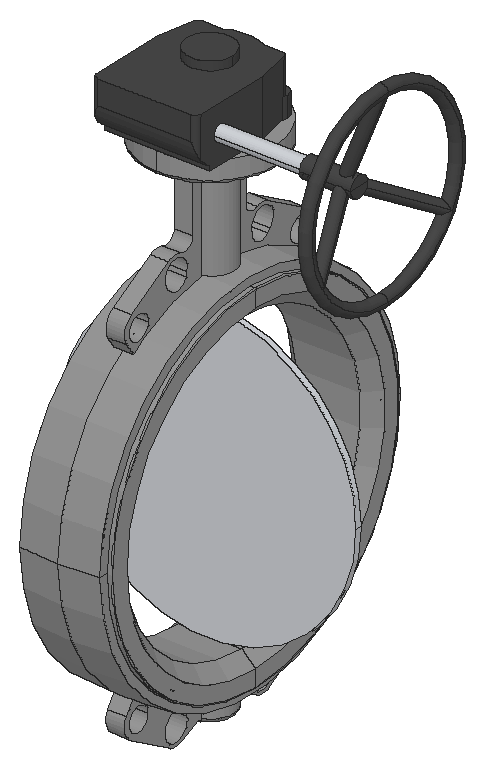
Revit family "HERZ Isolating Butterfly Valves ZF-4219 with gearbox", category Rohrzubehör, Revit 2019
Family settings
  Bemaßung runder Anschluss = Durchmesser verwenden
  Teiletyp = Unterbricht
  Arbeitsebenenbasiert = Nein
  Immer vertikal = Ja
  Beim Laden mit Abzugskörper schneiden = Nein
  Gemeinsam genutzt = Nein
Parameters
  Weight [instance] = size_lookup("4219_ZF_G", "M", 37.6, Nennweite)  # 37.6
  URL = "www.herzvalves.com"
  Spindle = "stainless steel ASTM-A276 / Type 316"  # constant formula
  Screws PN16 [instance] = if(Nennweite = 50 mm, "4x M16x100", if(Nennweite = 65 mm, "4x M16x100", if(Nennweite = 80 mm, "8x M16x100", if(Nennweite = 100 mm, "8x M16x110", if(Nennweite = 125 mm, "8x M16x120", if(Nennweite = 150 mm, "8x M20x120", if(Nennweite = 200 mm, "12x M20x130", if(Nennweite = 250 mm, "12x M24x140", "12x M24x160"))))))))  # "12x M24x160"
  Screws PN 6 [instance] = if(Nennweite = 50 mm, "4x M12x100", if(Nennweite = 65 mm, "4x M12x100", if(Nennweite = 80 mm, "4x M16x100", if(Nennweite = 100 mm, "4x M16x100", if(Nennweite = 125 mm, "8x M16x110", if(Nennweite = 150 mm, "8x M16x110", if(Nennweite = 200 mm, "--", if(Nennweite = 250 mm, "12x M16x130", "12xM16x140"))))))))  # "12xM16x140"
  Screws PN10 [instance] = if(Nennweite = 50 mm, "4x M16x100", if(Nennweite = 65 mm, "4x M16x100", if(Nennweite = 80 mm, "4x M16x100", if(Nennweite = 100 mm, "4x M16x110", if(Nennweite = 125 mm, "8x M16x120", if(Nennweite = 150 mm, "8x M20x120", if(Nennweite = 200 mm, "8x M20x130", if(Nennweite = 250 mm, "12x M20x130", "12x M20x150"))))))))  # "12x M20x150"
  SCTWSEQ = "FW;SBT_TYP_FW=\"101\";2"
  SCTWCODE = "04;07;02"  # constant formula
  SCRNSEQ = "ARM;ARM_TYP=\"ALLF\";2"
  SCRNCODE = "05;13;02"  # constant formula
  R_Dichtung = 1.5 mm  # constant formula
  Part number [instance] = size_lookup("4219_ZF_G", "Artnr", 1421901, Nennweite)  # 1421969
  PN16 [instance] = or(Nennweite = 50 mm, Nennweite = 65 mm, Nennweite = 80 mm, Nennweite = 100 mm, Nennweite = 125 mm, Nennweite = 150 mm, Nennweite = 200 mm, Nennweite = 250 mm, Nennweite = 300 mm)  # yes
  PN10 [instance] = or(Nennweite = 50 mm, Nennweite = 65 mm, Nennweite = 80 mm, Nennweite = 100 mm, Nennweite = 125 mm, Nennweite = 150 mm, Nennweite = 200 mm, Nennweite = 250 mm, Nennweite = 300 mm)  # yes
  PN 6 [instance] = or(Nennweite = 50 mm, Nennweite = 65 mm, Nennweite = 80 mm, Nennweite = 100 mm, Nennweite = 125 mm, Nennweite = 150 mm, Nennweite = 250 mm, Nennweite = 300 mm)  # yes
  PN [instance] = 16  # constant formula
  O-Ring = "EPDM according to ISO 1691"  # constant formula
  Nennweite [instance] = 300 mm
  Min. operating temperature = "-20.00 °C with appropriate water-glycol mixture"  # constant formula
  Medium = "Heating water quality according ÖNORM H5195 or VDI-Standard 2035. The use of ethylene or propylene glycol in a\nmixing ratio 25- 50% is allowed."
  Max. operating temperature = 110 °C  # constant formula
  LO1 [instance] = R05 + 10 mm  # 193 mm
  L16 [instance] = L01 - L13  # 299 mm
  L15 [instance] = L01 + L12  # 328 mm
  L14 [instance] = size_lookup("4219_ZF_G", "L_14", 44.4 mm, Nennweite)  # 89.4 mm
  L13 [instance] = size_lookup("4219_ZF_G", "L_13", 15 mm, Nennweite)  # 9 mm
  L12 [instance] = size_lookup("4219_ZF_G", "L_12", 15 mm, Nennweite)  # 20 mm
  L11 [instance] = size_lookup("4219_ZF_G", "L_11", 15 mm, Nennweite)  # 23 mm
  L10 [instance] = size_lookup("4219_ZF_G", "L_10", 16 mm, Nennweite)  # 16 mm
  L09 [instance] = size_lookup("4219_ZF_G", "L9", 29 mm, Nennweite)  # 61 mm
  L08 [instance] = size_lookup("4219_ZF_G", "L8", 43 mm, Nennweite)  # 78 mm
  L07 [instance] = size_lookup("4219_ZF_G", "L7", 3.5 mm, Nennweite)  # 4.5 mm
  L06 [instance] = size_lookup("4219_ZF_G", "L6", 18 mm, Nennweite)  # 44 mm
  L05 [instance] = size_lookup("4219_ZF_G", "L5", 35 mm, Nennweite)  # 67 mm
  L04 [instance] = size_lookup("4219_ZF_G", "L4", 35 mm, Nennweite)  # 17.5 mm
  L03 [instance] = size_lookup("4219_ZF_G", "L3", 35 mm, Nennweite)  # 207.5 mm
  L02 [instance] = size_lookup("4219_ZF_G", "L2", 35 mm, Nennweite)  # 122 mm
  L01 [instance] = size_lookup("4219_ZF_G", "L1", 35 mm, Nennweite)  # 308 mm
  Hersteller = "HERZ Armaturen Ges.m.b.H."  # constant formula
  H [instance] = size_lookup("4219_ZF_G", "H1", 9 mm, Nennweite)  # 22 mm
  Flange = "according to EN1092-2"  # constant formula
  Einbaudatum [instance] = ""
  Troque in Nm [instance] = size_lookup("4219_ZF_G", "NM", 350, Nennweite)  # 350
  Disc = "stainless steel 1.4408"  # constant formula
  DN300 [instance] = Nennweite = 300 mm  # yes
  DN250 [instance] = Nennweite = 250 mm  # no
  DN200 [instance] = Nennweite = 200 mm  # no
  DN150 [instance] = Nennweite = 150 mm  # no
  DN125 [instance] = Nennweite = 125 mm  # no
  DN100 [instance] = Nennweite = 100 mm  # no
  DN 80 [instance] = Nennweite = 80 mm  # no
  DN 65 [instance] = Nennweite = 65 mm  # no
  DN 50 [instance] = Nennweite = 50 mm  # no
  Chargennummer [instance] = ""
  Body sealing = "EPDM according to ISO 1691"  # constant formula
  Body = "GG, GJL-250/JL1040, according to EN1561"  # constant formula
  BD [instance] = size_lookup("4219_ZF_G", "DB", 24 mm, Nennweite)  # 290 mm
  D09 [instance] = size_lookup("4219_ZF_G", "D9", 24 mm, Nennweite)  # 145 mm
  D08 [instance] = size_lookup("4219_ZF_G", "D8", 47 mm, Nennweite)  # 18 mm
  D07 [instance] = size_lookup("4219_ZF_G", "D7", 47 mm, Nennweite)  # 37.5 mm
  D06 [instance] = size_lookup("4219_ZF_G", "D6", 47 mm, Nennweite)  # 65 mm
  R05 [instance] = size_lookup("4219_ZF_G", "D5", 47 mm, Nennweite)  # 183 mm
  D05 [instance] = R05 * 2  # 366 mm
  D04 [instance] = size_lookup("4219_ZF_G", "D4", 41 mm, Nennweite)  # 175 mm
  D03 [instance] = size_lookup("4219_ZF_G", "D3", 35.5 mm, Nennweite)  # 167.5 mm
  R01 [instance] = size_lookup("4219_ZF_G", "D1", 28 mm, Nennweite)  # 154.5 mm
  R02 [instance] = size_lookup("4219_ZF_G", "D2", 30 mm, Nennweite)  # 156.5 mm
  Application = "Suitable for fluids in building services, cold water systems, hot water saystems, etc."
Reference planes
  plane 1 "Mitte (Vorne/hinten)": y = 0
  plane 2: z = 0
  plane 3 "Mitte (Links/rechts)": x = 0
Forms (mm)
  Revolve 1, solid, material "Herz-Metall-blau", detail levels fine
    sketch origin (0, 0, 0) x (1, 0, 0) y (0, 1, 0)
      loop
        line (0, 185.241) -> (-39, 183) -> (-39, 175) -> (-30.5, 175) -> (-30.5, 167.5) -> (-32, 167.5)
        arc (-32, 167.5) -> (-33.061, 167.061) -> (-33.5, 166) r 1.5
        line (-33.5, 166) -> (-33.5, 156.824)
        arc (-33.5, 156.824) -> (-33.229, 155.964) -> (-32.513, 155.415) r 1.5
        line (-32.513, 155.415) -> (-29, 154.5) -> (-22, 154.5) -> (-22, 156.5) -> (22, 156.5) -> (22, 154.5) -> (29, 154.5) -> (32.513, 155.415)
        arc (32.513, 155.415) -> (33.229, 155.964) -> (33.5, 156.824) r 1.5
        line (33.5, 156.824) -> (33.5, 166)
        arc (33.5, 166) -> (33.061, 167.061) -> (32, 167.5) r 1.5
        line (32, 167.5) -> (30.5, 167.5) -> (30.5, 175) -> (39, 175) -> (39, 183) -> (0, 185.241)
      axis (39, 0) -> (-39, 0)
    angle from 0 to 360
  Extrusion 2, solid, material "Herz-Metall-blau", visible <- "DN 50", detail levels fine
    sketch origin (0, 0, 0) x (0, 1, 0) y (0, 0, 1)
      loop
        line (20, 54.051) -> (20.008, 111.113) -> (16.897, 110.952)
        arc (16.897, 110.952) -> (15.55, 110.331) -> (15, 108.954) r 2
        line (15, 108.954) -> (15, 44.542)
        arc (15, 44.542) -> (31.465, 34.913) -> (42.748, 19.534) r 47
        arc (42.748, 19.534) -> (42.633, 20.873) -> (43.392, 21.983) r 2
        line (43.392, 21.983) -> (54.714, 30.209)
        arc (54.714, 30.209) -> (56.569, 56.569) -> (30.209, 54.714) r 17.5
        line (30.209, 54.714) -> (27.87, 51.494)
        arc (27.87, 51.494) -> (23.006, 49.914) -> (20, 54.051) r 4.35
      loop
        arc (32.065, 41.998) -> (33.588, 33.588) -> (41.998, 32.065) r 7.5
        line (41.998, 32.065) -> (48.502, 35.17)
        arc (48.502, 35.17) -> (51.265, 51.265) -> (35.17, 48.502) r 10
        line (35.17, 48.502) -> (32.065, 41.998)
      loop
        arc (-20, 54.051) -> (-23.006, 49.914) -> (-27.87, 51.494) r 4.35
        line (-27.87, 51.494) -> (-30.209, 54.714)
        arc (-30.209, 54.714) -> (-56.569, 56.569) -> (-54.714, 30.209) r 17.5
        line (-54.714, 30.209) -> (-43.392, 21.983)
        arc (-43.392, 21.983) -> (-42.633, 20.873) -> (-42.748, 19.534) r 2
        arc (-42.748, 19.534) -> (-31.465, 34.913) -> (-15, 44.542) r 47
        line (-15, 44.542) -> (-15, 108.954)
        arc (-15, 108.954) -> (-15.55, 110.331) -> (-16.897, 110.952) r 2
        line (-16.897, 110.952) -> (-20.008, 111.113) -> (-20, 54.051)
      loop
        line (-32.065, 41.998) -> (-35.17, 48.502)
        arc (-35.17, 48.502) -> (-51.265, 51.265) -> (-48.502, 35.17) r 10
        line (-48.502, 35.17) -> (-41.998, 32.065)
        arc (-41.998, 32.065) -> (-33.588, 33.588) -> (-32.065, 41.998) r 7.5
      loop
        line (32.065, -41.998) -> (35.17, -48.502)
        arc (35.17, -48.502) -> (51.265, -51.265) -> (48.502, -35.17) r 10
        line (48.502, -35.17) -> (41.998, -32.065)
        arc (41.998, -32.065) -> (33.588, -33.588) -> (32.065, -41.998) r 7.5
      loop
        line (54.714, -30.209) -> (43.392, -21.983)
        arc (43.392, -21.983) -> (42.633, -20.873) -> (42.748, -19.534) r 2
        arc (42.748, -19.534) -> (33.234, -33.234) -> (19.534, -42.748) r 47
        arc (19.534, -42.748) -> (20.873, -42.633) -> (21.983, -43.392) r 2
        line (21.983, -43.392) -> (30.209, -54.714)
        arc (30.209, -54.714) -> (56.569, -56.569) -> (54.714, -30.209) r 17.5
      loop
        arc (-32.065, -41.998) -> (-33.588, -33.588) -> (-41.998, -32.065) r 7.5
        line (-41.998, -32.065) -> (-48.502, -35.17)
        arc (-48.502, -35.17) -> (-51.265, -51.265) -> (-35.17, -48.502) r 10
        line (-35.17, -48.502) -> (-32.065, -41.998)
      loop
        arc (-54.714, -30.209) -> (-56.569, -56.569) -> (-30.209, -54.714) r 17.5
        line (-30.209, -54.714) -> (-21.983, -43.392)
        arc (-21.983, -43.392) -> (-20.873, -42.633) -> (-19.534, -42.748) r 2
        arc (-19.534, -42.748) -> (-33.234, -33.234) -> (-42.748, -19.534) r 47
        arc (-42.748, -19.534) -> (-42.633, -20.873) -> (-43.392, -21.983) r 2
        line (-43.392, -21.983) -> (-54.714, -30.209)
    from -4.5 to 4.5
  Extrusion 3, solid, material "Herz-Metall-blau", visible <- "DN 65", detail levels fine
    sketch origin (0, 0, 0) x (0, 1, 0) y (0, 0, 1)
      loop
        arc (51.659, 21.619) -> (51.541, 22.778) -> (52.089, 23.805) r 2
        line (52.089, 23.805) -> (65.407, 37.123)
        arc (65.407, 37.123) -> (65.407, 65.407) -> (37.123, 65.407) r 20
        line (37.123, 65.407) -> (29.414, 57.699)
        arc (29.414, 57.699) -> (27.235, 57.265) -> (26, 59.113) r 2
        line (26, 59.113) -> (26, 136.154) -> (19.897, 135.838)
        arc (19.897, 135.838) -> (18.55, 135.218) -> (18, 133.841) r 2
        line (18, 133.841) -> (18, 53.028)
        arc (18, 53.028) -> (38.206, 40.942) -> (51.659, 21.619) r 56
      loop
        arc (55.637, 42.831) -> (57.983, 57.983) -> (42.831, 55.637) r 9.5
        line (42.831, 55.637) -> (39.647, 48.983)
        arc (39.647, 48.983) -> (41.012, 41.012) -> (48.983, 39.647) r 7
        line (48.983, 39.647) -> (55.637, 42.831)
      loop
        arc (51.659, -21.619) -> (39.598, -39.598) -> (21.619, -51.659) r 56
        arc (21.619, -51.659) -> (22.778, -51.541) -> (23.805, -52.089) r 2
        line (23.805, -52.089) -> (37.123, -65.407)
        arc (37.123, -65.407) -> (65.407, -65.407) -> (65.407, -37.123) r 20
        line (65.407, -37.123) -> (52.089, -23.805)
        arc (52.089, -23.805) -> (51.541, -22.778) -> (51.659, -21.619) r 2
      loop
        line (55.637, -42.831) -> (48.983, -39.647)
        arc (48.983, -39.647) -> (41.012, -41.012) -> (39.647, -48.983) r 7
        line (39.647, -48.983) -> (42.831, -55.637)
        arc (42.831, -55.637) -> (57.983, -57.983) -> (55.637, -42.831) r 9.5
      loop
        arc (-51.659, -21.619) -> (-51.541, -22.778) -> (-52.089, -23.805) r 2
        line (-52.089, -23.805) -> (-65.407, -37.123)
        arc (-65.407, -37.123) -> (-65.407, -65.407) -> (-37.123, -65.407) r 20
        line (-37.123, -65.407) -> (-23.805, -52.089)
        arc (-23.805, -52.089) -> (-22.778, -51.541) -> (-21.619, -51.659) r 2
        arc (-21.619, -51.659) -> (-39.598, -39.598) -> (-51.659, -21.619) r 56
      loop
        arc (-55.637, -42.831) -> (-57.983, -57.983) -> (-42.831, -55.637) r 9.5
        line (-42.831, -55.637) -> (-39.647, -48.983)
        arc (-39.647, -48.983) -> (-41.012, -41.012) -> (-48.983, -39.647) r 7
        line (-48.983, -39.647) -> (-55.637, -42.831)
      loop
        arc (-51.659, 21.619) -> (-38.206, 40.942) -> (-18, 53.028) r 56
        line (-18, 53.028) -> (-18, 133.838)
        arc (-18, 133.838) -> (-18.55, 135.215) -> (-19.897, 135.835) r 2
        line (-19.897, 135.835) -> (-26, 136.151) -> (-26, 59.113)
        arc (-26, 59.113) -> (-27.235, 57.265) -> (-29.414, 57.699) r 2
        line (-29.414, 57.699) -> (-37.123, 65.407)
        arc (-37.123, 65.407) -> (-65.407, 65.407) -> (-65.407, 37.123) r 20
        line (-65.407, 37.123) -> (-52.089, 23.805)
        arc (-52.089, 23.805) -> (-51.541, 22.778) -> (-51.659, 21.619) r 2
      loop
        line (-55.637, 42.831) -> (-48.983, 39.647)
        arc (-48.983, 39.647) -> (-41.012, 41.012) -> (-39.647, 48.983) r 7
        line (-39.647, 48.983) -> (-42.831, 55.637)
        arc (-42.831, 55.637) -> (-57.983, 57.983) -> (-55.637, 42.831) r 9.5
    from -4.5 to 4.5
  Extrusion 4, solid, material "Herz-Metall-blau", visible <- "DN 80", detail levels fine
    sketch origin (0, 0, 0) x (0, 1, 0) y (0, 0, 1)
      loop
        line (26, 143.161) -> (20.397, 142.871)
        arc (20.397, 142.871) -> (19.05, 142.251) -> (18.5, 140.874) r 2
        line (18.5, 140.874) -> (18.5, 62.833)
        arc (18.5, 62.833) -> (41.296, 50.842) -> (57.706, 30.989) r 65.5
        arc (57.706, 30.989) -> (57.482, 32.176) -> (57.983, 33.275) r 2
        line (57.983, 33.275) -> (67.23, 43.52)
        arc (67.23, 43.52) -> (70.328, 54.798) -> (65.407, 65.407) r 17
        line (65.407, 65.407) -> (42.005, 86.53)
        arc (42.005, 86.53) -> (37.832, 89.302) -> (33.031, 90.738) r 17
        arc (33.031, 90.738) -> (27.974, 93.895) -> (26, 99.52) r 9
        line (26, 99.52) -> (26, 143.161)
      loop
        circle (30.615, 73.91) r 9.5
      loop
        circle (53.387, 53.387) r 9.5
      loop
        arc (57.706, -30.989) -> (41.296, -50.842) -> (18.5, -62.833) r 65.5
        line (18.5, -62.833) -> (18.5, -85.837)
        arc (18.5, -85.837) -> (30.113, -90.903) -> (42.005, -86.53) r 17
        line (42.005, -86.53) -> (65.407, -65.407)
        arc (65.407, -65.407) -> (70.328, -54.798) -> (67.23, -43.52) r 17
        line (67.23, -43.52) -> (57.983, -33.275)
        arc (57.983, -33.275) -> (57.482, -32.176) -> (57.706, -30.989) r 2
      loop
        circle (30.615, -73.91) r 9.5
      loop
        circle (53.387, -53.387) r 9.5
      loop
        arc (-57.706, -30.989) -> (-57.482, -32.176) -> (-57.983, -33.275) r 2
        line (-57.983, -33.275) -> (-67.23, -43.52)
        arc (-67.23, -43.52) -> (-70.328, -54.798) -> (-65.407, -65.407) r 17
        line (-65.407, -65.407) -> (-42.005, -86.53)
        arc (-42.005, -86.53) -> (-30.113, -90.903) -> (-18.5, -85.837) r 17
        line (-18.5, -85.837) -> (-18.5, -62.833)
        arc (-18.5, -62.833) -> (-41.296, -50.842) -> (-57.706, -30.989) r 65.5
      loop
        circle (-30.615, -73.91) r 9.5
      loop
        circle (-53.387, -53.387) r 9.5
      loop
        line (-26, 143.179) -> (-26, 99.52)
        arc (-26, 99.52) -> (-27.974, 93.895) -> (-33.031, 90.738) r 9
        arc (-33.031, 90.738) -> (-37.832, 89.302) -> (-42.005, 86.53) r 17
        line (-42.005, 86.53) -> (-65.407, 65.407)
        arc (-65.407, 65.407) -> (-70.328, 54.798) -> (-67.23, 43.52) r 17
        line (-67.23, 43.52) -> (-57.983, 33.275)
        arc (-57.983, 33.275) -> (-57.482, 32.176) -> (-57.706, 30.989) r 2
        arc (-57.706, 30.989) -> (-41.296, 50.842) -> (-18.5, 62.833) r 65.5
        line (-18.5, 62.833) -> (-18.5, 140.891)
        arc (-18.5, 140.891) -> (-19.05, 142.268) -> (-20.397, 142.888) r 2
        line (-20.397, 142.888) -> (-26, 143.179)
      loop
        circle (-30.615, 73.91) r 9.5
      loop
        circle (-53.387, 53.387) r 9.5
    from -4.5 to 4.5
  Extrusion 5, solid, material "Herz-Metall-blau", visible <- "DN100", detail levels fine
    sketch origin (0, 0, 0) x (0, 1, 0) y (0, 0, 1)
      loop
        line (64.131, 38.887) -> (73.681, 49.873)
        arc (73.681, 49.873) -> (77.063, 61.29) -> (72.125, 72.125) r 17
        line (72.125, 72.125) -> (45.809, 95.79)
        arc (45.809, 95.79) -> (41.366, 98.675) -> (36.25, 100.053) r 17
        arc (36.25, 100.053) -> (28.882, 104.596) -> (26, 112.759) r 13
        line (26, 112.759) -> (26, 166.173) -> (20.397, 165.883)
        arc (20.397, 165.883) -> (19.05, 165.263) -> (18.5, 163.886) r 2
        line (18.5, 163.886) -> (18.5, 72.683)
        arc (18.5, 72.683) -> (44.637, 60.27) -> (64.131, 38.887) r 75
      loop
        circle (60.104, 60.104) r 9.5
      loop
        circle (34.442, 83.149) r 9.5
      loop
        arc (64.131, -38.887) -> (44.637, -60.27) -> (18.5, -72.683) r 75
        line (18.5, -72.683) -> (18.5, -95.329)
        arc (18.5, -95.329) -> (21.473, -95.603) -> (24.233, -96.743) r 10
        arc (24.233, -96.743) -> (35.191, -100.133) -> (45.809, -95.79) r 17
        line (45.809, -95.79) -> (72.125, -72.125)
        arc (72.125, -72.125) -> (77.063, -61.29) -> (73.681, -49.873) r 17
        line (73.681, -49.873) -> (64.131, -38.887)
      loop
        circle (60.104, -60.104) r 9.5
      loop
        circle (34.442, -83.149) r 9.5
      loop
        line (-64.131, -38.887) -> (-73.681, -49.873)
        arc (-73.681, -49.873) -> (-77.063, -61.29) -> (-72.125, -72.125) r 17
        line (-72.125, -72.125) -> (-45.809, -95.79)
        arc (-45.809, -95.79) -> (-35.191, -100.133) -> (-24.233, -96.743) r 17
        arc (-24.233, -96.743) -> (-21.473, -95.603) -> (-18.5, -95.329) r 10
        line (-18.5, -95.329) -> (-18.5, -72.683)
        arc (-18.5, -72.683) -> (-44.637, -60.27) -> (-64.131, -38.887) r 75
      loop
        circle (-60.104, -60.104) r 9.5
      loop
        circle (-34.442, -83.149) r 9.5
      loop
        arc (-64.131, 38.887) -> (-44.637, 60.27) -> (-18.5, 72.683) r 75
        line (-18.5, 72.683) -> (-18.5, 163.876)
        arc (-18.5, 163.876) -> (-19.05, 165.253) -> (-20.397, 165.873) r 2
        line (-20.397, 165.873) -> (-26, 166.164) -> (-26, 112.759)
        arc (-26, 112.759) -> (-28.882, 104.596) -> (-36.25, 100.053) r 13
        arc (-36.25, 100.053) -> (-41.366, 98.675) -> (-45.809, 95.79) r 17
        line (-45.809, 95.79) -> (-72.125, 72.125)
        arc (-72.125, 72.125) -> (-77.063, 61.29) -> (-73.681, 49.873) r 17
        line (-73.681, 49.873) -> (-64.131, 38.887)
      loop
        circle (-60.104, 60.104) r 9.5
      loop
        circle (-34.442, 83.149) r 9.5
    from -4.5 to 4.5
  Extrusion 6, solid, material "Herz-Metall-blau", visible <- "DN125", detail levels fine
    sketch origin (0, 0, 0) x (0, 1, 0) y (0, 0, 1)
      loop
        arc (75.229, 48.945) -> (74.917, 50.244) -> (75.492, 51.45) r 2
        line (75.492, 51.45) -> (82.731, 58.69)
        arc (82.731, 58.69) -> (87.711, 70.711) -> (82.731, 82.731) r 17
        line (82.731, 82.731) -> (51.291, 109.875)
        arc (51.291, 109.875) -> (46.108, 112.941) -> (40.182, 114.007) r 17
        line (40.182, 114.007) -> (38, 114.007)
        arc (38, 114.007) -> (29.515, 117.522) -> (26, 126.007) r 12
        line (26, 126.007) -> (26, 185.157) -> (20.397, 184.867)
        arc (20.397, 184.867) -> (19.05, 184.246) -> (18.5, 182.869) r 2
        line (18.5, 182.869) -> (18.5, 87.823)
        arc (18.5, 87.823) -> (50.736, 74.033) -> (75.229, 48.945) r 89.75
      loop
        circle (40.182, 97.007) r 9.5
      loop
        circle (70.711, 70.711) r 9.5
      loop
        arc (75.229, -48.945) -> (50.736, -74.033) -> (18.5, -87.823) r 89.75
        line (18.5, -87.823) -> (18.5, -108.431)
        arc (18.5, -108.431) -> (24.248, -107.655) -> (29.46, -110.2) r 10
        arc (29.46, -110.2) -> (40.434, -114.005) -> (51.291, -109.875) r 17
        line (51.291, -109.875) -> (82.731, -82.731)
        arc (82.731, -82.731) -> (87.711, -70.711) -> (82.731, -58.69) r 17
        line (82.731, -58.69) -> (75.492, -51.45)
        arc (75.492, -51.45) -> (74.917, -50.244) -> (75.229, -48.945) r 2
      loop
        circle (40.182, -97.007) r 9.5
      loop
        circle (70.711, -70.711) r 9.5
      loop
        arc (-75.229, -48.945) -> (-74.917, -50.244) -> (-75.492, -51.45) r 2
        line (-75.492, -51.45) -> (-82.731, -58.69)
        arc (-82.731, -58.69) -> (-87.711, -70.711) -> (-82.731, -82.731) r 17
        line (-82.731, -82.731) -> (-51.291, -109.875)
        arc (-51.291, -109.875) -> (-40.434, -114.005) -> (-29.46, -110.2) r 17
        arc (-29.46, -110.2) -> (-24.248, -107.655) -> (-18.5, -108.431) r 10
        line (-18.5, -108.431) -> (-18.5, -87.823)
        arc (-18.5, -87.823) -> (-50.736, -74.033) -> (-75.229, -48.945) r 89.75
      loop
        circle (-40.182, -97.007) r 9.5
      loop
        circle (-70.711, -70.711) r 9.5
      loop
        arc (-75.229, 48.945) -> (-50.736, 74.033) -> (-18.5, 87.823) r 89.75
        line (-18.5, 87.823) -> (-18.5, 182.852)
        arc (-18.5, 182.852) -> (-19.05, 184.23) -> (-20.397, 184.85) r 2
        line (-20.397, 184.85) -> (-26, 185.14) -> (-26, 126.007)
        arc (-26, 126.007) -> (-29.515, 117.522) -> (-38, 114.007) r 12
        line (-38, 114.007) -> (-40.182, 114.007)
        arc (-40.182, 114.007) -> (-46.108, 112.941) -> (-51.291, 109.875) r 17
        line (-51.291, 109.875) -> (-82.731, 82.731)
        arc (-82.731, 82.731) -> (-87.711, 70.711) -> (-82.731, 58.69) r 17
        line (-82.731, 58.69) -> (-75.492, 51.45)
        arc (-75.492, 51.45) -> (-74.917, 50.244) -> (-75.229, 48.945) r 2
      loop
        circle (-40.182, 97.007) r 9.5
      loop
        circle (-70.711, 70.711) r 9.5
    from -6 to 6
  Extrusion 7, solid, material "Herz-Metall-blau", visible <- "DN150", detail levels fine
    sketch origin (0, 0, 0) x (0, 1, 0) y (0, 0, 1)
      loop
        line (83.495, 59.454) -> (91.57, 67.529)
        arc (91.57, 67.529) -> (96.55, 79.55) -> (91.57, 91.57) r 17
        line (91.57, 91.57) -> (57.511, 123.304)
        arc (57.511, 123.304) -> (45.758, 127.865) -> (34.095, 123.077) r 17
        arc (34.095, 123.077) -> (28.976, 122.416) -> (26, 126.633) r 5
        line (26, 126.633) -> (26, 198.177) -> (20.397, 197.887)
        arc (20.397, 197.887) -> (19.05, 197.267) -> (18.5, 195.889) r 2
        line (18.5, 195.889) -> (18.5, 100.817)
        arc (18.5, 100.817) -> (55.032, 86.474) -> (83.495, 59.454) r 102.5
      loop
        circle (45.922, 110.866) r 11.5
      loop
        circle (79.55, 79.55) r 9.5
      loop
        circle (45.922, -110.866) r 11.5
      loop
        circle (79.55, -79.55) r 9.5
      loop
        line (91.57, -67.529) -> (83.495, -59.454)
        arc (83.495, -59.454) -> (55.032, -86.474) -> (18.5, -100.817) r 102.5
        line (18.5, -100.817) -> (18.5, -123.208)
        arc (18.5, -123.208) -> (19.363, -121.755) -> (21.03, -121.482) r 2
        line (21.03, -121.482) -> (42.642, -127.546)
        arc (42.642, -127.546) -> (50.587, -127.213) -> (57.511, -123.304) r 17
        line (57.511, -123.304) -> (91.57, -91.57)
        arc (91.57, -91.57) -> (96.55, -79.55) -> (91.57, -67.529) r 17
      loop
        arc (-83.495, 59.454) -> (-55.032, 86.474) -> (-18.5, 100.817) r 102.5
        line (-18.5, 100.817) -> (-18.5, 195.875)
        arc (-18.5, 195.875) -> (-19.05, 197.252) -> (-20.397, 197.872) r 2
        line (-20.397, 197.872) -> (-26, 198.163) -> (-26, 126.633)
        arc (-26, 126.633) -> (-28.976, 122.416) -> (-34.095, 123.077) r 5
        arc (-34.095, 123.077) -> (-45.758, 127.865) -> (-57.511, 123.304) r 17
        line (-57.511, 123.304) -> (-91.57, 91.57)
        arc (-91.57, 91.57) -> (-96.55, 79.55) -> (-91.57, 67.529) r 17
        line (-91.57, 67.529) -> (-83.495, 59.454)
      loop
        circle (-45.922, 110.866) r 11.5
      loop
        circle (-79.55, 79.55) r 9.5
      loop
        circle (-45.922, -110.866) r 11.5
      loop
        circle (-79.55, -79.55) r 9.5
      loop
        arc (-91.57, -67.529) -> (-96.55, -79.55) -> (-91.57, -91.57) r 17
        line (-91.57, -91.57) -> (-57.511, -123.304)
        arc (-57.511, -123.304) -> (-50.587, -127.213) -> (-42.642, -127.546) r 17
        line (-42.642, -127.546) -> (-21.03, -121.482)
        arc (-21.03, -121.482) -> (-19.363, -121.755) -> (-18.5, -123.208) r 2
        line (-18.5, -123.208) -> (-18.5, -100.817)
        arc (-18.5, -100.817) -> (-55.032, -86.474) -> (-83.495, -59.454) r 102.5
        line (-83.495, -59.454) -> (-91.57, -67.529)
    from -7 to 7
  Extrusion 8, solid, material "Herz-Metall-blau", visible <- "DN200", detail levels fine
    sketch origin (0, 0, 0) x (0, 1, 0) y (0, 0, 1)
      loop
        arc (42.048, 153.832) -> (26.654, 145.827) -> (35.349, 130.812) r 12
        line (35.349, 130.812) -> (53.31, 124.689)
        arc (53.31, 124.689) -> (67.804, 132.4) -> (61.038, 147.359) r 12
        line (61.038, 147.359) -> (42.048, 153.832)
      loop
        line (28, 226.273) -> (22.065, 226.047)
        arc (22.065, 226.047) -> (20.655, 225.469) -> (20, 224.092) r 2.114
        line (20, 224.092) -> (20, 129.471)
        arc (20, 129.471) -> (49.604, 121.273) -> (76.485, 106.406) r 130.989
        line (76.485, 106.406) -> (76.485, 136.265)
        arc (76.485, 136.265) -> (73.108, 147.391) -> (64.117, 154.764) r 20.019
        line (64.117, 154.764) -> (38.16, 163.592)
        arc (38.16, 163.592) -> (30.802, 169.06) -> (28, 177.79) r 15
        line (28, 177.79) -> (28, 226.273)
      loop
        line (42.048, -153.832) -> (61.038, -147.359)
        arc (61.038, -147.359) -> (67.804, -132.4) -> (53.31, -124.689) r 12
        line (53.31, -124.689) -> (35.349, -130.812)
        arc (35.349, -130.812) -> (26.654, -145.827) -> (42.048, -153.832) r 12
      loop
        arc (76.446, -106.382) -> (49.585, -121.253) -> (20, -129.464) r 131
        line (20, -129.464) -> (20, -141.835)
        arc (20, -141.835) -> (28.361, -158.099) -> (46.453, -160.765) r 20
        line (46.453, -160.765) -> (64.099, -154.75)
        arc (64.099, -154.75) -> (73.075, -147.384) -> (76.446, -136.272) r 20
        line (76.446, -136.272) -> (76.446, -106.382)
      loop
        arc (-42.048, -153.832) -> (-26.654, -145.827) -> (-35.349, -130.812) r 12
        line (-35.349, -130.812) -> (-53.31, -124.689)
        arc (-53.31, -124.689) -> (-67.804, -132.4) -> (-61.038, -147.359) r 12
        line (-61.038, -147.359) -> (-42.048, -153.832)
      loop
        line (-76.446, -106.382) -> (-76.446, -136.272)
        arc (-76.446, -136.272) -> (-73.075, -147.384) -> (-64.099, -154.75) r 20
        line (-64.099, -154.75) -> (-46.453, -160.765)
        arc (-46.453, -160.765) -> (-28.361, -158.099) -> (-20, -141.835) r 20
        line (-20, -141.835) -> (-20, -129.464)
        arc (-20, -129.464) -> (-49.585, -121.253) -> (-76.446, -106.382) r 131
      loop
        line (-42.048, 153.832) -> (-61.038, 147.359)
        arc (-61.038, 147.359) -> (-67.804, 132.4) -> (-53.31, 124.689) r 12
        line (-53.31, 124.689) -> (-35.349, 130.812)
        arc (-35.349, 130.812) -> (-26.654, 145.827) -> (-42.048, 153.832) r 12
      loop
        line (-28, 226.278) -> (-28, 177.79)
        arc (-28, 177.79) -> (-30.802, 169.06) -> (-38.16, 163.592) r 15
        line (-38.16, 163.592) -> (-64.117, 154.764)
        arc (-64.117, 154.764) -> (-73.108, 147.391) -> (-76.485, 136.265) r 20.019
        line (-76.485, 136.265) -> (-76.485, 106.406)
        arc (-76.485, 106.406) -> (-49.604, 121.273) -> (-20, 129.471) r 130.989
        line (-20, 129.471) -> (-20, 224.098)
        arc (-20, 224.098) -> (-20.655, 225.475) -> (-22.065, 226.053) r 2.114
        line (-22.065, 226.053) -> (-28, 226.278)
    from -7 to 7
  Extrusion 9, solid, material "Herz-Metall-blau", visible <- "DN250", detail levels fine
    sketch origin (0, 0, 0) x (0, 1, 0) y (0, 0, 1)
      loop
        arc (-95.9, 125.382) -> (-61.406, 145.382) -> (-23, 156.095) r 157.75
        line (-23, 156.095) -> (-23, 258.814)
        arc (-23, 258.814) -> (-23.588, 260.113) -> (-24.893, 260.69) r 2
        line (-24.893, 260.69) -> (-32, 261.058) -> (-32, 187.712)
        arc (-32, 187.712) -> (-33.507, 185.205) -> (-36.428, 185.359) r 2.84
        arc (-36.428, 185.359) -> (-43.951, 188.152) -> (-51.918, 187.184) r 17
        line (-51.918, 187.184) -> (-97.072, 155.872)
        arc (-97.072, 155.872) -> (-100.207, 149.167) -> (-100.195, 141.765) r 17
        line (-100.195, 141.765) -> (-95.9, 125.382)
      loop
        circle (-83.608, 145.492) r 9.5
      loop
        circle (-45.549, 171.269) r 14
      loop
        arc (96.192, -125.349) -> (61.575, -145.51) -> (23, -156.317) r 157.999
        line (23, -156.317) -> (23, -181.388) -> (27.217, -181.388)
        arc (27.217, -181.388) -> (30.142, -181.826) -> (32.812, -183.1) r 10
        line (32.812, -183.1) -> (36.428, -185.542)
        arc (36.428, -185.542) -> (44.468, -188.388) -> (52.878, -186.972) r 17
        line (52.878, -186.972) -> (97.463, -155.872)
        arc (97.463, -155.872) -> (100.598, -149.167) -> (100.586, -141.765) r 17
        line (100.586, -141.765) -> (96.192, -125.349)
      loop
        circle (84, -145.492) r 9.5
      loop
        circle (45.94, -171.452) r 14
      loop
        line (-96.192, -125.349) -> (-100.586, -141.765)
        arc (-100.586, -141.765) -> (-100.598, -149.167) -> (-97.463, -155.872) r 17
        line (-97.463, -155.872) -> (-52.878, -186.972)
        arc (-52.878, -186.972) -> (-44.468, -188.388) -> (-36.428, -185.542) r 17
        line (-36.428, -185.542) -> (-32.812, -183.1)
        arc (-32.812, -183.1) -> (-30.142, -181.826) -> (-27.217, -181.388) r 10
        line (-27.217, -181.388) -> (-23, -181.388) -> (-23, -156.317)
        arc (-23, -156.317) -> (-61.575, -145.51) -> (-96.192, -125.349) r 157.999
      loop
        circle (-84, -145.492) r 9.5
      loop
        circle (-45.94, -171.452) r 14
      loop
        line (95.9, 125.2) -> (100.195, 141.582)
        arc (100.195, 141.582) -> (100.207, 148.984) -> (97.072, 155.689) r 17
        line (97.072, 155.689) -> (51.919, 187.036)
        arc (51.919, 187.036) -> (43.952, 188.006) -> (36.428, 185.212) r 17
        arc (36.428, 185.212) -> (33.507, 185.058) -> (32, 187.566) r 2.84
        line (32, 187.566) -> (32, 261.045) -> (24.893, 260.677)
        arc (24.893, 260.677) -> (23.588, 260.1) -> (23, 258.801) r 2
        line (23, 258.801) -> (23, 155.948)
        arc (23, 155.948) -> (61.411, 145.223) -> (95.9, 125.2) r 157.605
      loop
        circle (83.608, 145.31) r 9.5
      loop
        circle (45.549, 171.122) r 14
    from -9 to 9
  Extrusion 10, solid, material "Herz-Metall-blau", visible <- "DN300", detail levels fine
    sketch origin (0, 0, 0) x (0, 1, 0) y (0, 0, 1)
      loop
        arc (62.57, 187.834) -> (56.268, 211.23) -> (39.112, 194.12) r 14
        line (39.112, 194.12) -> (40.223, 189.928)
        arc (40.223, 189.928) -> (48.374, 181.769) -> (59.504, 184.767) r 11.5
        line (59.504, 184.767) -> (62.57, 187.834)
      loop
        circle (98.337, 170.892) r 12
      loop
        arc (113.094, 162.454) -> (114.748, 175.326) -> (106.837, 185.615) r 17
        line (106.837, 185.615) -> (61.701, 211.919)
        arc (61.701, 211.919) -> (54.44, 214.463) -> (46.806, 213.516) r 16.852
        arc (46.806, 213.516) -> (36.904, 213.681) -> (32, 222.285) r 10
        line (32, 222.285) -> (32, 286.38) -> (24.895, 286.033)
        arc (24.895, 286.033) -> (23.576, 285.442) -> (23, 284.117) r 2
        line (23, 284.117) -> (23, 181.202)
        arc (23, 181.202) -> (65.613, 170.505) -> (104.437, 149.94) r 182.63
        line (104.437, 149.94) -> (113.094, 162.454)
      loop
        line (62.984, -188.142) -> (59.917, -185.075)
        arc (59.917, -185.075) -> (48.787, -182.077) -> (40.637, -190.235) r 11.5
        line (40.637, -190.235) -> (39.525, -194.427)
        arc (39.525, -194.427) -> (56.681, -211.538) -> (62.984, -188.142) r 14
      loop
        circle (98.75, -171.04) r 12
      loop
        line (113.508, -162.601) -> (104.75, -150.055)
        arc (104.75, -150.055) -> (65.787, -170.766) -> (23, -181.549) r 183
        line (23, -181.549) -> (23, -206.327)
        arc (23, -206.327) -> (24.157, -204.218) -> (26.558, -204.062) r 2.5
        line (26.558, -204.062) -> (45.918, -213.443)
        arc (45.918, -213.443) -> (53.906, -214.994) -> (61.701, -212.654) r 17
        line (61.701, -212.654) -> (107.25, -185.762)
        arc (107.25, -185.762) -> (115.162, -175.474) -> (113.508, -162.601) r 17
      loop
        arc (-62.984, -188.142) -> (-56.681, -211.538) -> (-39.525, -194.427) r 14
        line (-39.525, -194.427) -> (-40.637, -190.235)
        arc (-40.637, -190.235) -> (-48.787, -182.077) -> (-59.917, -185.075) r 11.5
        line (-59.917, -185.075) -> (-62.984, -188.142)
      loop
        circle (-98.75, -171.04) r 12
      loop
        arc (-113.508, -162.601) -> (-115.162, -175.474) -> (-107.25, -185.762) r 17
        line (-107.25, -185.762) -> (-61.701, -212.654)
        arc (-61.701, -212.654) -> (-53.906, -214.994) -> (-45.918, -213.443) r 17
        line (-45.918, -213.443) -> (-26.558, -204.062)
        arc (-26.558, -204.062) -> (-24.157, -204.218) -> (-23, -206.327) r 2.5
        line (-23, -206.327) -> (-23, -181.549)
        arc (-23, -181.549) -> (-65.787, -170.766) -> (-104.75, -150.055) r 183
        line (-104.75, -150.055) -> (-113.508, -162.601)
      loop
        line (-62.574, 188.142) -> (-59.508, 185.075)
        arc (-59.508, 185.075) -> (-48.378, 182.077) -> (-40.227, 190.235) r 11.5
        line (-40.227, 190.235) -> (-39.116, 194.427)
        arc (-39.116, 194.427) -> (-56.272, 211.538) -> (-62.574, 188.142) r 14
      loop
        circle (-98.34, 171.04) r 12
      loop
        line (-113.098, 162.601) -> (-104.44, 150.087)
        arc (-104.44, 150.087) -> (-65.611, 170.637) -> (-23, 181.326) r 182.753
        line (-23, 181.326) -> (-23, 284.115)
        arc (-23, 284.115) -> (-23.577, 285.441) -> (-24.896, 286.032) r 2
        line (-24.896, 286.032) -> (-32, 286.379) -> (-32, 222.593)
        arc (-32, 222.593) -> (-37.217, 213.811) -> (-47.425, 214.193) r 10
        arc (-47.425, 214.193) -> (-54.523, 214.911) -> (-61.291, 212.654) r 17
        line (-61.291, 212.654) -> (-106.84, 185.762)
        arc (-106.84, 185.762) -> (-114.752, 175.474) -> (-113.098, 162.601) r 17
    from -9 to 9
  Revolve 11, solid, material "Herz-Metall-blau"
    sketch origin (0, 0, 0) x (0, 1, 0) y (0, 0, 1)
      loop
        line (0, -183) -> (0, -207.5) -> (20, -207.5)
        arc (20, -207.5) -> (22.121, -206.621) -> (23, -204.5) r 3
        line (23, -204.5) -> (23, -181.549)
        arc (23, -181.549) -> (11.523, -182.637) -> (0, -183) r 183
      axis (0, -181.549) -> (0, -207.5)
    angle from 0 to 360
  Revolve 12, solid, material "Herz-Metall-blau"
    sketch origin (0, 0, 0) x (0, 1, 0) y (0, 0, 1)
      loop
        line (0, 299) -> (0, 183)
        arc (0, 183) -> (11.523, 182.637) -> (23, 181.549) r 183
        line (23, 181.549) -> (23, 284)
        arc (23, 284) -> (23.549, 285.377) -> (24.895, 285.998) r 2
        line (24.895, 285.998) -> (63.105, 288)
        arc (63.105, 288) -> (64.451, 288.621) -> (65, 289.997) r 2
        line (65, 289.997) -> (65, 308) -> (37.5, 308) -> (37.5, 299) -> (0, 299)
      axis (0, 308) -> (0, 181.549)
    angle from 0 to 360
  Revolve 13, solid, material "Gummi"
    sketch origin (0, 0, 0) x (1, 0, 0) y (0, 0, 1)
      loop
        arc (-43.208, 175) -> (-44.263, 174.563) -> (-44.7, 173.508) r 1.492
        line (-44.7, 173.508) -> (-44.7, 156.718) -> (-30.5, 145) -> (30.5, 145) -> (44.7, 157.945) -> (44.7, 174)
        arc (44.7, 174) -> (44.407, 174.707) -> (43.7, 175) r 1
        line (43.7, 175) -> (30.5, 175) -> (30.5, 167.5) -> (32, 167.5)
        arc (32, 167.5) -> (33.061, 167.061) -> (33.5, 166) r 1.5
        line (33.5, 166) -> (33.5, 156.988)
        arc (33.5, 156.988) -> (33.122, 155.993) -> (32.18, 155.499) r 1.5
        line (32.18, 155.499) -> (29, 154.5) -> (20.027, 154.5) -> (20.027, 156.5) -> (-23.973, 156.5) -> (-23.973, 154.5) -> (-29, 154.5) -> (-32.18, 155.499)
        arc (-32.18, 155.499) -> (-33.122, 155.993) -> (-33.5, 156.988) r 1.5
        line (-33.5, 156.988) -> (-33.5, 166)
        arc (-33.5, 166) -> (-33.061, 167.061) -> (-32, 167.5) r 1.5
        line (-32, 167.5) -> (-30.5, 167.5) -> (-30.5, 175) -> (-43.208, 175)
      axis (-44.7, 0) -> (44.7, 0)
    angle from 0 to 360
  Extrusion 14, solid, detail levels fine
    sketch origin (0, 0, 0) x (1, 0, 0) y (0, 0, 1)
      loop
        circle (0, 0) r 145
    from -3 to 3
  Extrusion 15, solid, detail levels fine
    sketch origin (0, 0, 0) x (1, 0, 0) y (0, 1, 0)
      loop
        line (0, 15.556) -> (-15.556, 0) -> (0, -15.556) -> (15.556, 0) -> (0, 15.556)
    from 299 <- "L16" to 328 <- "L15"
Lines and regions (mm)
  model lines, detail levels coarse+medium
    curve 1: line (-39, 183, 0) -> (39, 183, 0)
    curve 2: line (-39, -183, 0) -> (-39, 183, 0)
    curve 3: line (39, -183, 0) -> (-39, -183, 0)
    curve 4: line (39, 183, 0) -> (39, -183, 0)
    curve 5: line (-39, 183, 0) -> (39, -183, 0)
    curve 6: circle (0, 0, 0) r 5 normal (0, 0, 1)
    curve 7: line (-39, 0, 183) -> (39, 0, 183)
    curve 8: line (-39, 0, -183) -> (-39, 0, 183)
    curve 9: line (39, 0, -183) -> (-39, 0, -183)
    curve 10: line (39, 0, 183) -> (39, 0, -183)
    curve 11: line (-39, 0, 183) -> (39, 0, -183)
    curve 12: circle (0, 0, 0) r 7 normal (0, -1, 0)
Dimensions and locks
  "L08": Revolve 1 sketch curve to Revolve 1 sketch curve
  equal spacing: Revolve 1 sketch curve, plane 3 "Mitte (Links/rechts)", Revolve 1 sketch curve  (x4)
  "L07": Revolve 1 sketch curve to Revolve 1 sketch curve  (x2)
  "L06": Revolve 1 sketch curve to Revolve 1 sketch curve
  "L05": Revolve 1 sketch curve to Revolve 1 sketch curve
  "L09": Revolve 1 sketch curve to Revolve 1 sketch curve
  "R05": plane 1 "Mitte (Vorne/hinten)" to Revolve 1 sketch curve  (x2)
  "D04": plane 1 "Mitte (Vorne/hinten)" to Revolve 1 sketch curve  (x2)
  "D03": plane 1 "Mitte (Vorne/hinten)" to Revolve 1 sketch curve  (x2)
  "R01": plane 1 "Mitte (Vorne/hinten)" to Revolve 1 sketch curve  (x2)
  "R02": plane 1 "Mitte (Vorne/hinten)" to Revolve 1 sketch curve
  equal spacing: curve 2, plane 3 "Mitte (Links/rechts)", curve 4
  equal spacing: curve 3, plane 1 "Mitte (Vorne/hinten)", curve 1
  "L08": curve 2 to curve 4
  "D05": curve 3 to curve 1
  equal spacing: curve 10, plane 3 "Mitte (Links/rechts)", curve 8
  equal spacing: curve 7, level, curve 9
  "D05": curve 7 to curve 9
  "L08": curve 8 to curve 10
  "L11": Revolve 11 sketch curve to plane 1 "Mitte (Vorne/hinten)"
  "L03": level to Revolve 11 sketch curve
  "R05": level to Revolve 11 sketch curve
  "R05": Revolve 12 sketch curve to curve 2
  "L11": Revolve 12 sketch curve to plane 1 "Mitte (Vorne/hinten)"
  "L01": Revolve 12 sketch curve to level
  "L12": Revolve 12 sketch curve to Revolve 12 sketch curve
  "L13": Revolve 12 sketch curve to Revolve 12 sketch curve
  "D07": Revolve 12 sketch curve to Revolve 12 sketch curve
  "D06": Revolve 12 sketch curve to Revolve 12 sketch curve
  Extrusion 10 sketch curve to plane 1 "Mitte (Vorne/hinten)" to Extrusion 10 sketch curve = 23 mm, 23 mm
  equal spacing: Extrusion 10 sketch curve, plane 1 "Mitte (Vorne/hinten)", Extrusion 10 sketch curve
  Extrusion 10 sketch curve to Extrusion 10 sketch curve = 64 mm
  Extrusion 9 sketch curve to plane 1 "Mitte (Vorne/hinten)" to Extrusion 9 sketch curve = 23 mm, 23 mm
  Extrusion 9 sketch curve to plane 1 "Mitte (Vorne/hinten)" to Extrusion 9 sketch curve = 32 mm, 32 mm
  Extrusion 8 sketch curve to Extrusion 8 sketch curve = 56 mm
  equal spacing: Extrusion 8 sketch curve, plane 1 "Mitte (Vorne/hinten)", Extrusion 8 sketch curve
  Extrusion 8 sketch curve to plane 1 "Mitte (Vorne/hinten)" to Extrusion 8 sketch curve = 20 mm, 20 mm
  equal spacing: Extrusion 7 sketch curve, plane 1 "Mitte (Vorne/hinten)", Extrusion 7 sketch curve
  Extrusion 7 sketch curve to Extrusion 7 sketch curve = 52 mm
  equal spacing: Extrusion 6 sketch curve, plane 1 "Mitte (Vorne/hinten)", Extrusion 6 sketch curve
  "R02": Revolve 13 sketch curve to curve 3
  "D04": Revolve 13 sketch curve to level  (x2)
  "L14": Revolve 13 sketch curve to Revolve 13 sketch curve
  "D09": Revolve 13 sketch curve to level
  "D03": Revolve 13 sketch curve to level  (x2)
  "R01": Revolve 13 sketch curve to level  (x2)
  "L09": Revolve 13 sketch curve to Revolve 13 sketch curve  (x2)
  "L06": Revolve 13 sketch curve to Revolve 13 sketch curve
  "L05": Revolve 13 sketch curve to Revolve 13 sketch curve
  equal spacing: Revolve 13 sketch curve, plane 3 "Mitte (Links/rechts)", Revolve 13 sketch curve  (x4)
  "L07": Revolve 13 sketch curve to Revolve 13 sketch curve  (x2)
  equal spacing: Extrusion 15 sketch curve, plane 3 "Mitte (Links/rechts)", Extrusion 15 sketch curve  (x2)
  "H": Extrusion 15 sketch curve to Extrusion 15 sketch curve  (x2)
  "L11": nested 1 to plane 3 "Mitte (Links/rechts)"
  "LO1": plane 2 to nested 1
  "R05": radius of Revolve 11 sketch curve
  "R05": radius of Revolve 12 sketch curve
  "R_Dichtung": radius of Revolve 13 sketch curve  (x4)
  "BD": diameter of Extrusion 14 sketch curve
  angle Revolve 1 sketch curve to Revolve 1 sketch curve = 93.2891°  (x2)
  angle Revolve 12 sketch curve to Revolve 12 sketch curve = 93.00°
  angle plane 3 "Mitte (Links/rechts)" to Extrusion 15 sketch curve = 45.00°
  angle Extrusion 15 sketch curve to plane 3 "Mitte (Links/rechts)" = 45.00°
  aligned and locked: level to plane 2
Automatic sketch dimensions
  Extrusion 2 sketch curve to Extrusion 2 sketch curve = 0 mm  (x28)
  Extrusion 2 sketch curve to level = 0 mm
  Extrusion 2 sketch curve to plane 1 "Mitte (Vorne/hinten)" = 0 mm
  plane 1 "Mitte (Vorne/hinten)" to Extrusion 2 sketch curve = 15 mm
  Extrusion 2 sketch curve to Extrusion 2 sketch curve = 1.897 mm  (x2)
  Extrusion 2 sketch curve to Extrusion 2 sketch curve = 0.103 mm  (x2)
  Extrusion 2 sketch curve to Extrusion 2 sketch curve = 5 mm  (x2)
  Extrusion 2 sketch curve to Extrusion 2 sketch curve = 3.111 mm  (x2)
  plane 1 "Mitte (Vorne/hinten)" to Extrusion 2 sketch curve = 20.365 mm
  Extrusion 2 sketch curve to Extrusion 2 sketch curve = 1.618 mm  (x6)
  Extrusion 2 sketch curve to Extrusion 2 sketch curve = 4.35 mm  (x2)
  Extrusion 2 sketch curve to Extrusion 2 sketch curve = 3.519 mm  (x2)
  Extrusion 2 sketch curve to Extrusion 2 sketch curve = 2.34 mm  (x2)
  Extrusion 2 sketch curve to Extrusion 2 sketch curve = 8.226 mm  (x6)
  Extrusion 2 sketch curve to Extrusion 2 sketch curve = 10.081 mm  (x6)
  Extrusion 2 sketch curve to Extrusion 2 sketch curve = 4.195 mm  (x2)
  Extrusion 2 sketch curve to Extrusion 2 sketch curve = 3.105 mm  (x8)
  Extrusion 2 sketch curve to Extrusion 2 sketch curve = 6.826 mm  (x8)
  Extrusion 2 sketch curve to Extrusion 2 sketch curve = 3.107 mm  (x4)
  Extrusion 2 sketch curve to Extrusion 2 sketch curve = 1.394 mm  (x6)
  Extrusion 2 sketch curve to Extrusion 2 sketch curve = 5.303 mm  (x8)
  Extrusion 2 sketch curve to Extrusion 2 sketch curve = 1.176 mm  (x6)
  Extrusion 2 sketch curve to Extrusion 2 sketch curve = 6.505 mm  (x4)
  Extrusion 2 sketch curve to Extrusion 2 sketch curve = 6.212 mm  (x4)
  Extrusion 2 sketch curve to plane 1 "Mitte (Vorne/hinten)" = 15 mm
  Extrusion 2 sketch curve to plane 1 "Mitte (Vorne/hinten)" = 20.365 mm
  Extrusion 2 sketch curve to level = 20.365 mm  (x2)
  level to Extrusion 2 sketch curve = 20.365 mm  (x2)
  Extrusion 2 sketch curve to Extrusion 2 sketch curve = 2.545 mm  (x2)
  Extrusion 2 sketch curve to Extrusion 2 sketch curve = 3.22 mm  (x2)
  Extrusion 2 sketch curve to Extrusion 2 sketch curve = 2.557 mm  (x2)
  Extrusion 2 sketch curve to Extrusion 2 sketch curve = 54.903 mm
  Extrusion 2 sketch curve to Extrusion 2 sketch curve = 0.161 mm  (x2)
  Extrusion 2 sketch curve to Extrusion 2 sketch curve = 0.831 mm  (x2)
  Extrusion 2 sketch curve to Extrusion 2 sketch curve = 1.819 mm  (x2)
  Extrusion 10 sketch curve to Extrusion 10 sketch curve = 0 mm  (x23)
  Extrusion 10 sketch curve to level = 0 mm
  Extrusion 10 sketch curve to plane 1 "Mitte (Vorne/hinten)" = 0 mm
  Extrusion 10 sketch curve to Extrusion 10 sketch curve = 1.896 mm
  Extrusion 10 sketch curve to Extrusion 10 sketch curve = 1.998 mm
  plane 1 "Mitte (Vorne/hinten)" to Extrusion 10 sketch curve = 25.5 mm
  Extrusion 10 sketch curve to Extrusion 10 sketch curve = 1.058 mm  (x2)
  Extrusion 10 sketch curve to Extrusion 10 sketch curve = 16.116 mm
  Extrusion 10 sketch curve to Extrusion 10 sketch curve = 12.968 mm
  Extrusion 10 sketch curve to Extrusion 10 sketch curve = 10 mm  (x2)
  Extrusion 10 sketch curve to Extrusion 10 sketch curve = 6.393 mm  (x2)
  Extrusion 10 sketch curve to Extrusion 10 sketch curve = 12.239 mm  (x4)
  Extrusion 10 sketch curve to Extrusion 10 sketch curve = 1.294 mm  (x4)
  Extrusion 10 sketch curve to Extrusion 10 sketch curve = 8.643 mm
  Extrusion 10 sketch curve to Extrusion 10 sketch curve = 15.783 mm  (x2)
  Extrusion 10 sketch curve to Extrusion 10 sketch curve = 11.22 mm  (x3)
  Extrusion 10 sketch curve to Extrusion 10 sketch curve = 35.766 mm  (x3)
  Extrusion 10 sketch curve to Extrusion 10 sketch curve = 6 mm  (x2)
  Extrusion 10 sketch curve to Extrusion 10 sketch curve = 6.1 mm
  Extrusion 10 sketch curve to Extrusion 10 sketch curve = 8.5 mm  (x4)
  Extrusion 10 sketch curve to Extrusion 10 sketch curve = 8.658 mm
  Extrusion 10 sketch curve to Extrusion 10 sketch curve = 8.758 mm  (x2)
  Extrusion 10 sketch curve to Extrusion 10 sketch curve = 16.525 mm
  level to Extrusion 10 sketch curve = 0.006 mm  (x2)
  plane 1 "Mitte (Vorne/hinten)" to Extrusion 10 sketch curve = 0.16 mm
  Extrusion 10 sketch curve to plane 1 "Mitte (Vorne/hinten)" = 0.161 mm
  Extrusion 10 sketch curve to plane 1 "Mitte (Vorne/hinten)" = 23 mm
  Extrusion 10 sketch curve to Extrusion 10 sketch curve = 1.895 mm
  Extrusion 10 sketch curve to Extrusion 10 sketch curve = 0.103 mm
  Extrusion 10 sketch curve to Extrusion 10 sketch curve = 2.5 mm
  Extrusion 10 sketch curve to Extrusion 10 sketch curve = 14.025 mm
  Extrusion 10 sketch curve to Extrusion 10 sketch curve = 16.112 mm
  Extrusion 10 sketch curve to Extrusion 10 sketch curve = 46.986 mm
  Extrusion 10 sketch curve to Extrusion 10 sketch curve = 6.101 mm
  Extrusion 10 sketch curve to Extrusion 10 sketch curve = 8.657 mm
  Extrusion 10 sketch curve to level = 150.055 mm
  Extrusion 10 sketch curve to Extrusion 10 sketch curve = 31.494 mm
  Extrusion 10 sketch curve to Extrusion 10 sketch curve = 12.546 mm  (x2)
  Extrusion 10 sketch curve to Extrusion 10 sketch curve = 8.439 mm  (x4)
  Extrusion 10 sketch curve to Extrusion 10 sketch curve = 17.102 mm  (x3)
  Extrusion 10 sketch curve to Extrusion 10 sketch curve = 5.043 mm  (x3)
  Extrusion 10 sketch curve to Extrusion 10 sketch curve = 1.242 mm  (x4)
  Extrusion 10 sketch curve to Extrusion 10 sketch curve = 9.634 mm
  Extrusion 10 sketch curve to Extrusion 10 sketch curve = 2.265 mm
  Extrusion 10 sketch curve to Extrusion 10 sketch curve = 11.9 mm
  Extrusion 10 sketch curve to Extrusion 10 sketch curve = 14.639 mm  (x3)
  level to Extrusion 10 sketch curve = 150.087 mm
  Extrusion 10 sketch curve to Extrusion 10 sketch curve = 31.386 mm
  Extrusion 10 sketch curve to Extrusion 10 sketch curve = 12.514 mm  (x2)
  Extrusion 10 sketch curve to Extrusion 10 sketch curve = 11.675 mm
  Extrusion 10 sketch curve to Extrusion 10 sketch curve = 4.83 mm
  Extrusion 10 sketch curve to Extrusion 10 sketch curve = 24.578 mm
  Extrusion 10 sketch curve to Extrusion 10 sketch curve = 9.939 mm
  Extrusion 10 sketch curve to Extrusion 10 sketch curve = 61.442 mm
  Extrusion 10 sketch curve to Extrusion 10 sketch curve = 0.001 mm
  Extrusion 10 sketch curve to Extrusion 10 sketch curve = 0.081 mm  (x2)
  Extrusion 10 sketch curve to Extrusion 10 sketch curve = 0.347 mm  (x2)
  Extrusion 10 sketch curve to Extrusion 10 sketch curve = 1.111 mm  (x4)
  Extrusion 10 sketch curve to Extrusion 10 sketch curve = 0.011 mm  (x4)
  Extrusion 10 sketch curve to Extrusion 10 sketch curve = 3.067 mm  (x3)
  Extrusion 10 sketch curve to Extrusion 10 sketch curve = 0.008 mm  (x8)
  Extrusion 10 sketch curve to Extrusion 10 sketch curve = 4.806 mm
  Extrusion 10 sketch curve to Extrusion 10 sketch curve = 8.153 mm
  Extrusion 10 sketch curve to Extrusion 10 sketch curve = 14.895 mm
  Extrusion 10 sketch curve to Extrusion 10 sketch curve = 3.058 mm
  Extrusion 10 sketch curve to Extrusion 10 sketch curve = 3.075 mm  (x4)
  Extrusion 10 sketch curve to Extrusion 10 sketch curve = 0.003 mm  (x4)
  Extrusion 9 sketch curve to Extrusion 9 sketch curve = 0 mm  (x14)
  Extrusion 9 sketch curve to Extrusion 9 sketch curve = 1.893 mm  (x2)
  Extrusion 9 sketch curve to Extrusion 9 sketch curve = 0.103 mm  (x2)
  plane 1 "Mitte (Vorne/hinten)" to Extrusion 9 sketch curve = 27.217 mm
  Extrusion 9 sketch curve to Extrusion 9 sketch curve = 5.595 mm  (x2)
  Extrusion 9 sketch curve to Extrusion 9 sketch curve = 2.84 mm  (x2)
  Extrusion 9 sketch curve to Extrusion 9 sketch curve = 3.617 mm  (x2)
  Extrusion 9 sketch curve to Extrusion 9 sketch curve = 9.512 mm  (x2)
  Extrusion 9 sketch curve to Extrusion 9 sketch curve = 11.101 mm
  Extrusion 9 sketch curve to Extrusion 9 sketch curve = 6.369 mm
  Extrusion 9 sketch curve to Extrusion 9 sketch curve = 16.45 mm  (x2)
  Extrusion 9 sketch curve to Extrusion 9 sketch curve = 38.06 mm  (x3)
  Extrusion 9 sketch curve to Extrusion 9 sketch curve = 12.192 mm  (x2)
  Extrusion 9 sketch curve to Extrusion 9 sketch curve = 12.292 mm  (x2)
  Extrusion 9 sketch curve to Extrusion 9 sketch curve = 13.463 mm  (x4)
  Extrusion 9 sketch curve to Extrusion 9 sketch curve = 3.123 mm  (x4)
  Extrusion 9 sketch curve to Extrusion 9 sketch curve = 4.217 mm  (x2)
  level to Extrusion 9 sketch curve = 0.007 mm  (x2)
  plane 1 "Mitte (Vorne/hinten)" to Extrusion 9 sketch curve = 0.16 mm
  Extrusion 9 sketch curve to level = 0 mm  (x2)
  plane 1 "Mitte (Vorne/hinten)" to Extrusion 9 sketch curve = 0.008 mm
  Extrusion 9 sketch curve to plane 1 "Mitte (Vorne/hinten)" = 0.008 mm
  Extrusion 9 sketch curve to Extrusion 9 sketch curve = 0.153 mm
  Extrusion 9 sketch curve to plane 1 "Mitte (Vorne/hinten)" = 23 mm
  Extrusion 9 sketch curve to Extrusion 9 sketch curve = 10.709 mm
  Extrusion 9 sketch curve to Extrusion 9 sketch curve = 5.979 mm
  Extrusion 9 sketch curve to Extrusion 9 sketch curve = 37.668 mm
  Extrusion 9 sketch curve to level = 125.349 mm
  Extrusion 9 sketch curve to Extrusion 9 sketch curve = 30.969 mm
  Extrusion 9 sketch curve to Extrusion 9 sketch curve = 16.416 mm  (x2)
  Extrusion 9 sketch curve to Extrusion 9 sketch curve = 3.728 mm  (x4)
  Extrusion 9 sketch curve to Extrusion 9 sketch curve = 15.134 mm  (x2)
  Extrusion 9 sketch curve to Extrusion 9 sketch curve = 9.936 mm  (x2)
  Extrusion 9 sketch curve to Extrusion 9 sketch curve = 1.712 mm  (x2)
  Extrusion 9 sketch curve to Extrusion 9 sketch curve = 2.442 mm  (x2)
  level to Extrusion 9 sketch curve = 125.382 mm
  Extrusion 9 sketch curve to Extrusion 9 sketch curve = 30.895 mm
  Extrusion 9 sketch curve to Extrusion 9 sketch curve = 16.382 mm  (x2)
  Extrusion 9 sketch curve to Extrusion 9 sketch curve = 15.174 mm  (x2)
  Extrusion 9 sketch curve to Extrusion 9 sketch curve = 15.914 mm
  Extrusion 9 sketch curve to Extrusion 9 sketch curve = 15.915 mm
  Extrusion 9 sketch curve to Extrusion 9 sketch curve = 0.529 mm  (x2)
  Extrusion 9 sketch curve to Extrusion 9 sketch curve = 71.114 mm
  Extrusion 9 sketch curve to Extrusion 9 sketch curve = 0.013 mm
  Extrusion 9 sketch curve to Extrusion 9 sketch curve = 0.121 mm  (x2)
  Extrusion 9 sketch curve to Extrusion 9 sketch curve = 0.368 mm  (x2)
  Extrusion 9 sketch curve to Extrusion 9 sketch curve = 0.392 mm  (x2)
  Extrusion 8 sketch curve to Extrusion 8 sketch curve = 0 mm  (x7)
  Extrusion 8 sketch curve to level = 0 mm
  Extrusion 8 sketch curve to plane 1 "Mitte (Vorne/hinten)" = 0 mm
  level to Extrusion 8 sketch curve = 0.005 mm  (x2)
  plane 1 "Mitte (Vorne/hinten)" to Extrusion 8 sketch curve = 0.086 mm
  plane 1 "Mitte (Vorne/hinten)" to Extrusion 8 sketch curve = 20 mm
  Extrusion 8 sketch curve to Extrusion 8 sketch curve = 2.065 mm  (x2)
  Extrusion 8 sketch curve to Extrusion 8 sketch curve = 2.108 mm
  Extrusion 8 sketch curve to Extrusion 8 sketch curve = 5.935 mm
  Extrusion 8 sketch curve to Extrusion 8 sketch curve = 15.349 mm  (x4)
  Extrusion 8 sketch curve to Extrusion 8 sketch curve = 10.16 mm  (x2)
  Extrusion 8 sketch curve to Extrusion 8 sketch curve = 2.826 mm  (x4)
  Extrusion 8 sketch curve to Extrusion 8 sketch curve = 1.824 mm  (x2)
  Extrusion 8 sketch curve to Extrusion 8 sketch curve = 3.887 mm  (x2)
  Extrusion 8 sketch curve to Extrusion 8 sketch curve = 3.872 mm  (x2)
  Extrusion 8 sketch curve to Extrusion 8 sketch curve = 4.84 mm
  Extrusion 8 sketch curve to Extrusion 8 sketch curve = 4.405 mm  (x2)
  Extrusion 8 sketch curve to Extrusion 8 sketch curve = 17.961 mm  (x3)
  Extrusion 8 sketch curve to Extrusion 8 sketch curve = 3.135 mm  (x3)
  Extrusion 8 sketch curve to Extrusion 8 sketch curve = 0.021 mm  (x2)
  Extrusion 8 sketch curve to Extrusion 8 sketch curve = 4.571 mm  (x2)
  Extrusion 8 sketch curve to Extrusion 8 sketch curve = 4.592 mm  (x2)
  Extrusion 8 sketch curve to Extrusion 8 sketch curve = 3.061 mm  (x2)
  Extrusion 8 sketch curve to Extrusion 8 sketch curve = 3.079 mm  (x2)
  Extrusion 8 sketch curve to Extrusion 8 sketch curve = 23.135 mm
  Extrusion 8 sketch curve to Extrusion 8 sketch curve = 15.447 mm  (x2)
  Extrusion 8 sketch curve to plane 1 "Mitte (Vorne/hinten)" = 0.086 mm
  Extrusion 8 sketch curve to plane 1 "Mitte (Vorne/hinten)" = 20 mm
  Extrusion 8 sketch curve to Extrusion 8 sketch curve = 0.043 mm
  Extrusion 8 sketch curve to Extrusion 8 sketch curve = 15 mm
  Extrusion 8 sketch curve to Extrusion 8 sketch curve = 18.27 mm
  Extrusion 8 sketch curve to Extrusion 8 sketch curve = 15.408 mm
  Extrusion 8 sketch curve to level = 106.382 mm
  Extrusion 8 sketch curve to Extrusion 8 sketch curve = 23.083 mm
  Extrusion 8 sketch curve to Extrusion 8 sketch curve = 18.308 mm  (x2)
  Extrusion 8 sketch curve to Extrusion 8 sketch curve = 1.347 mm  (x2)
  Extrusion 8 sketch curve to Extrusion 8 sketch curve = 11.583 mm  (x2)
  Extrusion 8 sketch curve to Extrusion 8 sketch curve = 12.371 mm
  Extrusion 8 sketch curve to Extrusion 8 sketch curve = 11.023 mm
  Extrusion 8 sketch curve to Extrusion 8 sketch curve = 0.639 mm  (x2)
  level to Extrusion 8 sketch curve = 106.406 mm
  Extrusion 8 sketch curve to Extrusion 8 sketch curve = 23.065 mm
  Extrusion 8 sketch curve to Extrusion 8 sketch curve = 18.283 mm
  Extrusion 8 sketch curve to Extrusion 8 sketch curve = 1.34 mm  (x2)
  Extrusion 8 sketch curve to Extrusion 8 sketch curve = 29.859 mm
  Extrusion 8 sketch curve to Extrusion 8 sketch curve = 11.576 mm
